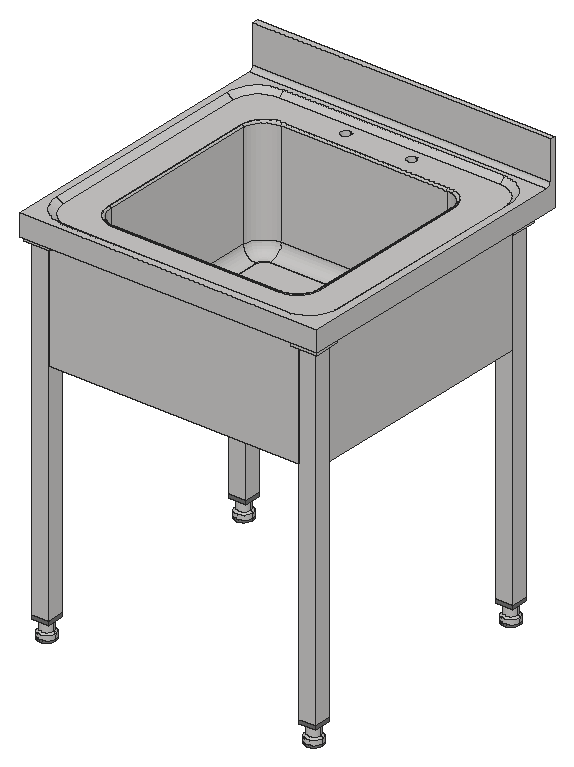
Revit family "QF_ELECTROLUXPROFESSIONAL_134061_GLG716E", category Attrezzature speciali, Revit 2020
Family settings
  Quota connettore circolare = Usa diametro
  Tipo di parte = Normale
  Basato su piano di lavoro = No
  Sempre verticale = Sì
  Taglio con vuoti quando caricato = No
  Condiviso = No
  Punto di calcolo locali = No
Parameters (values of type "Standard")
  Weight = 26.00 kg
  Watts = 0 W
  Volts = 0 V
  URL Manufacturer = "https://www.electroluxprofessional.com/"
  URL = "https://www.electroluxprofessional.com/"
  Steam Supply Size = 0 mm
  Steam Supply Minimum Pressure = 0.0 Pa
  Steam Supply Maximum Pressure = 0.0 Pa
  Steam Consumption per Hour = 0
  Refrigeration Suction Line Size = 0.0 mm
  Refrigeration Liquid Line Size = 0.0 mm
  Refrigerant Compressor Remote = yes
  Prospetto di default = 0.0 mm
  Phase = 0
  Modello = "GLG716E"
  Produttore = "Electrolux Professional"
  Length Actual = 700.0 mm  # constant formula
  Item Number = "134061"
  Hot Water Size = 0 mm
  Height Actual = 1000.0 mm  # constant formula
  HP = "0 HP"
  Gas Size = 0 mm
  Gas KW = 0
  Gas Input Pressure = 0 W
  Direct Waste Size = 50.8 mm
  Descrizione = "SINK UNIT 1 BOWL 700 MM"
  Depth Actual = 700.0 mm  # constant formula
  Cycle = 0 Hz
  Condensate Return Size = 0 mm
  Compressed Air Volume = 0.0 L/s
  Compressed Air Size = 0 mm
  Compressed Air Pressure = 0.0 Pa
  Cold Water Size = 0 mm
  Accessory = yes
Reference planes
  plane 1 "Center (Front/Back)": y = 0
  plane 2: z = 0
  plane 3 "Center (Left/Right)": x = 150
  plane 4 "LEFT": x = -200
  plane 5 "RIGHT": x = 500
  plane 6 "BACK": y = 350
  plane 7 "FRONT": y = -350
  plane 8 "Base": z = 850
  plane 9 "TOP": z = 900
  plane 10 "Sink_Base": z = 608
  plane 11 "ScaricoX": x = 300
  plane 12 "ScaricoY": y = 127
  plane 13: z = 441
  plane 14: x = 227.5
  plane 15: y = 270
  plane 16: x = 72.5
Forms (mm)
  Extrusion 1, solid, material "QF_Finishes_Stainless Steel"
    sketch origin (150, 0, 0) x (0, 1, 0) y (0, 0, 1)
      loop
        line (-350, 850) -> (350, 850) -> (350, 1000) -> (337, 1000) -> (337, 910)
        arc (337, 910) -> (334.071, 902.929) -> (327, 900) r 10
        line (327, 900) -> (-350, 900) -> (-350, 850)
    from 350 to -350
  Extrusion 2, void
    sketch origin (0, 0, 900) x (0, 1, 0) y (-1, 0, 0)
      loop
        arc (-214, 100) -> (-252.891, 83.891) -> (-269, 45) r 55
        line (-269, 45) -> (-269, -345)
        arc (-269, -345) -> (-252.874, -383.908) -> (-213.951, -400) r 55
        line (-213.951, -400) -> (176.049, -400)
        arc (176.049, -400) -> (214.908, -383.874) -> (231, -345) r 55
        line (231, -345) -> (231, 45)
        arc (231, 45) -> (214.891, 83.891) -> (176, 100) r 55
        line (176, 100) -> (-214, 100)
    from 0 to -50
  Sweep 3, solid, material "QF_Finishes_Stainless Steel"
    path origin (0, 0, 900) x (0, 1, 0) y (-1, 0, 0)
      loop
        line (176, 100) -> (-214, 100)
        arc (-214, 100) -> (-252.891, 83.891) -> (-269, 45) r 55
        line (-269, 45) -> (-269, -345)
        arc (-269, -345) -> (-252.874, -383.908) -> (-213.951, -400) r 55
        line (-213.951, -400) -> (176.049, -400)
        arc (176.049, -400) -> (214.908, -383.874) -> (231, -345) r 55
        line (231, -345) -> (231, 45)
        arc (231, 45) -> (214.891, 83.891) -> (176, 100) r 55
    profile origin (-100, -19, 900) x (1, 0, 0) y (0, 0, 1)
      loop
        arc (5, -15) -> (3.536, -11.464) -> (0, -10) r 5
        line (0, -10) -> (0, -11.5)
        arc (0, -11.5) -> (2.475, -12.525) -> (3.5, -15) r 3.5
        line (3.5, -15) -> (3.5, -260.5)
        arc (3.5, -260.5) -> (12.726, -282.774) -> (35, -292) r 31.5
        line (35, -292) -> (35, -290.5)
        arc (35, -290.5) -> (13.787, -281.713) -> (5, -260.5) r 30
        line (5, -260.5) -> (5, -15)
  Extrusion 4, solid, material "QF_Finishes_Stainless Steel"
    sketch origin (0, 0, 608) x (0, -1, 0) y (1, 0, 0)
      loop
        arc (-196, -45) -> (-190.142, -59.142) -> (-176, -65) r 20
        line (-176, -65) -> (214, -65)
        arc (214, -65) -> (228.142, -59.142) -> (234, -45) r 20
        line (234, -45) -> (234, 345)
        arc (234, 345) -> (228.132, 359.153) -> (213.97, 365) r 20
        line (213.97, 365) -> (-176.03, 365)
        arc (-176.03, 365) -> (-190.153, 359.132) -> (-196, 345) r 20
        line (-196, 345) -> (-196, -45)
    from 0 to 1.5
  Extrusion 5, void
    sketch origin (0, 0, 608) x (0, -1, 0) y (1, 0, 0)
      loop
        circle (-127, 300) r 28
    from 32.343 to -63.145
  Revolve 6, solid, material "QF_Finishes_White"
    sketch origin (300, 0, 0) x (0, -1, 0) y (0, 0, 1)
      loop
        line (-143.5, 592.617) -> (-143.5, 578.5) -> (-142, 578.5) -> (-142, 593.449) -> (-153.558, 600.671) -> (-153.558, 608) -> (-155.058, 608) -> (-155.058, 599.84) -> (-143.5, 592.617)
      axis (-127, 608) -> (-127, 578.5)
    angle from 0 to 360
  Extrusion 7, void
    sketch origin (0, 0, 608) x (0, -1, 0) y (1, 0, 0)
      loop
        circle (-270, 227.5) r 11.5
      loop
        circle (-270, 72.5) r 11.5
    from 242 to 292
  Blend 8, void
    base sketch origin (0, 0, 900) x (0, 1, 0) y (-1, 0, 0)
      loop
        arc (314.887, 109.887) -> (292.92, 162.92) -> (239.887, 184.887) r 75
        line (239.887, 184.887) -> (-259.887, 184.887)
        arc (-259.887, 184.887) -> (-312.92, 162.92) -> (-334.887, 109.887) r 75
        line (-334.887, 109.887) -> (-334.887, -409.887)
        arc (-334.887, -409.887) -> (-312.92, -462.92) -> (-259.887, -484.887) r 75
        line (-259.887, -484.887) -> (239.887, -484.887)
        arc (239.887, -484.887) -> (292.92, -462.92) -> (314.887, -409.887) r 75
        line (314.887, -409.887) -> (314.887, 109.887)
    top sketch origin (0, 0, 900) x (0, 1, 0) y (-1, 0, 0)
      loop
        arc (299.887, 109.887) -> (282.313, 152.313) -> (239.887, 169.887) r 60
        line (239.887, 169.887) -> (-259.887, 169.887)
        arc (-259.887, 169.887) -> (-302.313, 152.313) -> (-319.887, 109.887) r 60
        line (-319.887, 109.887) -> (-319.887, -409.887)
        arc (-319.887, -409.887) -> (-302.313, -452.313) -> (-259.887, -469.887) r 60
        line (-259.887, -469.887) -> (239.887, -469.887)
        arc (239.887, -469.887) -> (282.313, -452.313) -> (299.887, -409.887) r 60
        line (299.887, -409.887) -> (299.887, 109.887)
    from 0 to -10
Cuts and joins
  Extrusion 2, Extrusion 7, Blend 8 cuts Extrusion 1
  Extrusion 5 cuts Extrusion 4
Lines and regions (mm)
  symbolic lines
    curve 1: line (500, 350, 900) -> (-200, 350, 900)
    curve 2: line (-200, 350, 900) -> (-200, -350, 900)
    curve 3: line (-200, -350, 900) -> (500, -350, 900)
    curve 4: line (500, -350, 900) -> (500, 350, 900)
    curve 5: line (500, 337, 900) -> (-200, 337, 900)
    curve 6: line (-109.887, 314.887, 608) -> (409.887, 314.887, 608)
    curve 7: arc (-109.887, 314.887, 608) -> (-162.92, 292.92, 608) -> (-184.887, 239.887, 608) r 75
    curve 8: line (-184.887, -259.887, 608) -> (-184.887, 239.887, 608)
    curve 9: arc (-184.887, -259.887, 608) -> (-162.92, -312.92, 608) -> (-109.887, -334.887, 608) r 75
    curve 10: line (409.887, -334.887, 608) -> (-109.887, -334.887, 608)
    curve 11: arc (409.887, -334.887, 608) -> (462.92, -312.92, 608) -> (484.887, -259.887, 608) r 75
    curve 12: line (484.887, 239.887, 608) -> (484.887, -259.887, 608)
    curve 13: arc (484.887, 239.887, 608) -> (462.92, 292.92, 608) -> (409.887, 314.887, 608) r 75
    curve 14: arc (400, 176.049, 608) -> (383.874, 214.908, 608) -> (345, 231, 608) r 55
    curve 15: line (-45, 231, 608) -> (345, 231, 608)
    curve 16: arc (-45, 231, 608) -> (-83.891, 214.891, 608) -> (-100, 176, 608) r 55
    curve 17: line (-100, -214, 608) -> (-100, 176, 608)
    curve 18: arc (-100, -214, 608) -> (-83.891, -252.891, 608) -> (-45, -269, 608) r 55
    curve 19: line (345, -269, 608) -> (-45, -269, 608)
    curve 20: arc (345, -269, 608) -> (383.908, -252.874, 608) -> (400, -213.951, 608) r 55
    curve 21: line (400, 176.049, 608) -> (400, -213.951, 608)
    curve 22: line (-45, 196, 608) -> (345, 196, 608)
    curve 23: arc (-45, 196, 608) -> (-59.142, 190.142, 608) -> (-65, 176, 608) r 20
    curve 24: line (-65, -214, 608) -> (-65, 176, 608)
    curve 25: line (345, -234, 608) -> (-45, -234, 608)
    curve 26: arc (-65, -214, 608) -> (-59.142, -228.142, 608) -> (-45, -234, 608) r 20
    curve 27: arc (345, -234, 608) -> (359.153, -228.132, 608) -> (365, -213.97, 608) r 20
    curve 28: line (365, 176.03, 608) -> (365, -213.97, 608)
    curve 29: arc (365, 176.03, 608) -> (359.132, 190.153, 608) -> (345, 196, 608) r 20
    curve 30: circle (300, 127, 608) r 28 normal (0, 0, 1)
    curve 31: circle (300, 127, 608) r 15 normal (0, 0, -1)
    curve 32: circle (72.5, 270, 608) r 11.5 normal (0, 0, 1)
    curve 33: circle (227.5, 270, 608) r 11.5 normal (0, 0, 1)
    curve 34: arc (-109.887, 299.887, 608) -> (-152.313, 282.313, 608) -> (-169.887, 239.887, 608) r 60
    curve 35: line (409.887, 299.887, 608) -> (-109.887, 299.887, 608)
    curve 36: line (-169.887, 239.887, 608) -> (-169.887, -259.887, 608)
    curve 37: arc (-169.887, -259.887, 608) -> (-152.313, -302.313, 608) -> (-109.887, -319.887, 608) r 60
    curve 38: line (-109.887, -319.887, 608) -> (409.887, -319.887, 608)
    curve 39: arc (409.887, -319.887, 608) -> (452.313, -302.313, 608) -> (469.887, -259.887, 608) r 60
    curve 40: line (469.887, -259.887, 608) -> (469.887, 239.887, 608)
    curve 41: arc (469.887, 239.887, 608) -> (452.313, 282.313, 608) -> (409.887, 299.887, 608) r 60
Dimensions and locks
  plane 4 "LEFT" to plane 5 "RIGHT" = 700.0 mm
  equal spacing: plane 4 "LEFT", plane 3 "Center (Left/Right)", plane 5 "RIGHT"
  locked: plane 8 "Base" to level at 850
  locked: Extrusion 1 to level at 1000
  plane 9 "TOP" to level = 900.0 mm
  plane 6 "BACK" to plane 7 "FRONT" = 700.0 mm
  equal spacing: plane 6 "BACK", plane 1 "Center (Front/Back)", plane 7 "FRONT"
  plane 10 "Sink_Base" to level = 608.0 mm
  locked: plane 6 "BACK" to plane 12 "ScaricoY" at 223
  locked: plane 11 "ScaricoX" to plane 5 "RIGHT" at 200
  plane 13 to level = 441.0 mm
  plane 6 "BACK" to plane 15 = 80.0 mm
  plane 16 to plane 14 = 155.0 mm
  equal spacing: plane 16, plane 3 "Center (Left/Right)", plane 14
  aligned and locked: level to plane 2
  aligned and locked: Extrusion 1 to plane 4 "LEFT"
  aligned and locked: plane 5 "RIGHT" to Extrusion 1
  aligned and locked: curve 2 to plane 4 "LEFT"
Automatic sketch dimensions
  Extrusion 1 sketch curve to plane 7 "FRONT" = 0.0 mm
  Extrusion 1 sketch curve to plane 9 "TOP" = 0.0 mm
  Extrusion 1 sketch curve to plane 6 "BACK" = 0.0 mm
  Extrusion 1 sketch curve to plane 8 "Base" = 0.0 mm
  plane 9 "TOP" to Extrusion 1 sketch curve = 10.0 mm
  Extrusion 1 sketch curve to plane 6 "BACK" = 13.0 mm
  Extrusion 1 sketch curve to Extrusion 1 sketch curve = 90.0 mm
  curve 3 to plane 7 "FRONT" = 0.0 mm
  curve 5 to plane 5 "RIGHT" = 0.0 mm
  curve 4 to plane 6 "BACK" = 0.0 mm
  curve 5 to plane 6 "BACK" = 13.0 mm
  Extrusion 2 sketch curve to Extrusion 2 sketch curve = 55.0 mm  (x4)
  Extrusion 2 sketch curve to Extrusion 2 sketch curve = 0.0 mm  (x5)
  Sweep 3 sketch curve to Sweep 3 sketch curve = 55.0 mm  (x3)
  Sweep 3 sketch curve to Sweep 3 sketch curve = 0.049 mm  (x2)
  Sweep 3 sketch curve to Sweep 3 sketch curve = 0.0 mm  (x4)
  profile plane to Sweep 3 sketch curve = 0.0 mm
  Sweep 3 sketch curve to profile plane = 3.5 mm
  Sweep 3 sketch curve to Sweep 3 sketch curve = 1.5 mm
  Sweep 3 sketch curve to Sweep 3 sketch curve = 30.0 mm
  Sweep 3 sketch curve to plane 9 "TOP" = 260.5 mm
  Sweep 3 sketch curve to plane 9 "TOP" = 15.0 mm
  Extrusion 4 sketch curve to Extrusion 4 sketch curve = 19.97 mm
  Extrusion 4 sketch curve to Extrusion 4 sketch curve = 20.0 mm  (x4)
  Extrusion 4 sketch curve to Extrusion 4 sketch curve = 0.03 mm  (x2)
  Extrusion 4 sketch curve to Extrusion 4 sketch curve = 0.0 mm  (x2)
  Extrusion 5 sketch curve to plane 11 "ScaricoX" = 0.0 mm
  Extrusion 5 sketch curve to plane 12 "ScaricoY" = 0.0 mm
  Revolve 6 sketch curve to plane 12 "ScaricoY" = 0.0 mm
  plane 12 "ScaricoY" to Revolve 6 sketch curve = 15.0 mm
  Revolve 6 sketch curve to Revolve 6 sketch curve = 1.5 mm  (x2)
  plane 10 "Sink_Base" to Revolve 6 sketch curve = 7.329 mm
  Revolve 6 sketch curve to Revolve 6 sketch curve = 10.058 mm
  plane 10 "Sink_Base" to Revolve 6 sketch curve = 8.16 mm
  Revolve 6 sketch curve to Revolve 6 sketch curve = 7.222 mm
  Revolve 6 sketch curve to Revolve 6 sketch curve = 0.831 mm
  Revolve 6 sketch curve to Revolve 6 sketch curve = 14.117 mm
  Revolve 6 sketch curve to Revolve 6 sketch curve = 24.0 mm
  Revolve 6 sketch curve to plane 10 "Sink_Base" = 0.0 mm
  Revolve 6 sketch curve to plane 10 "Sink_Base" = 26.5 mm
  Extrusion 7 sketch curve to plane 15 = 0.0 mm  (x2)
  Extrusion 7 sketch curve to plane 14 = 0.0 mm
  Extrusion 7 sketch curve to plane 16 = 0.0 mm
  curve 16 to curve 23 = 0.0 mm  (x3)
  curve 6 to plane 6 "BACK" = 35.113 mm
  plane 4 "LEFT" to curve 8 = 15.113 mm
  curve 16 to curve 22 = 35.0 mm
  plane 12 "ScaricoY" to curve 21 = 49.049 mm
  curve 22 to curve 16 = 20.0 mm
  curve 22 to curve 14 = 20.0 mm
  curve 20 to plane 11 "ScaricoX" = 45.0 mm
  curve 21 to curve 20 = 0.049 mm
  curve 20 to curve 11 = 45.936 mm
  plane 7 "FRONT" to curve 10 = 15.113 mm
  curve 9 to curve 17 = 9.887 mm
  curve 14 to plane 11 "ScaricoX" = 45.0 mm  (x2)
  curve 24 to curve 18 = 0.0 mm
  curve 15 to curve 14 = 0.0 mm
  curve 22 to curve 14 = 0.0 mm
  curve 18 to curve 26 = 0.0 mm
  curve 25 to curve 20 = 0.0 mm
  curve 27 to curve 20 = 0.03 mm
  curve 28 to curve 14 = 0.03 mm
  curve 14 to curve 29 = 0.0 mm  (x3)
  curve 29 to curve 22 = 0.0 mm
  plane 7 "FRONT" to Blend 8 sketch curve = 15.113 mm
  plane 4 "LEFT" to Blend 8 sketch curve = 15.113 mm
  Blend 8 sketch curve to plane 5 "RIGHT" = 15.113 mm
  Blend 8 sketch curve to plane 6 "BACK" = 35.113 mm
  plane 15 to Blend 8 sketch curve = 29.887 mm
  curve 7 to curve 34 = 0.0 mm  (x3)
  curve 30 to curve 31 = 0.0 mm  (x2)
  curve 32 to plane 15 = 0.0 mm
  curve 33 to plane 14 = 0.0 mm
  curve 33 to plane 15 = 0.0 mm
  curve 30 to plane 11 "ScaricoX" = 0.0 mm
  curve 30 to plane 12 "ScaricoY" = 0.0 mm
  curve 32 to plane 16 = 0.0 mm
  curve 6 to curve 35 = 15.0 mm
  curve 9 to curve 37 = 0.0 mm  (x2)
  curve 11 to curve 39 = 0.0 mm  (x3)
  curve 40 to curve 12 = 0.0 mm
  Extrusion 2 sketch curve to Extrusion 2 sketch curve = 0.049 mm
  Extrusion 2 sketch curve to plane 11 "ScaricoX" = 45.0 mm
  Sweep 3 sketch curve to plane 11 "ScaricoX" = 45.0 mm
  Extrusion 4 sketch curve to plane 11 "ScaricoX" = 45.0 mm
  curve 14 to curve 41 = 9.887 mm
  Blend 8 sketch curve to plane 5 "RIGHT" = 90.113 mm
  plane 16 to Extrusion 2 sketch curve = 117.5 mm  (x2)
  plane 16 to Sweep 3 sketch curve = 117.5 mm
  plane 16 to Extrusion 4 sketch curve = 117.5 mm
  plane 4 "LEFT" to Blend 8 sketch curve = 90.113 mm
  plane 7 "FRONT" to Extrusion 2 sketch curve = 136.049 mm
  plane 7 "FRONT" to Sweep 3 sketch curve = 136.049 mm
  plane 7 "FRONT" to Extrusion 4 sketch curve = 136.03 mm
  curve 13 to curve 41 = 0.0 mm  (x2)
  curve 20 to curve 27 = 0.0 mm
  curve 21 to curve 39 = 105.936 mm
  curve 26 to curve 38 = 105.887 mm
  curve 18 to curve 25 = 20.0 mm
  curve 18 to curve 36 = 45.887 mm
  plane 7 "FRONT" to Blend 8 sketch curve = 90.113 mm  (x4)
  plane 7 "FRONT" to Blend 8 sketch curve = 30.113 mm
  plane 12 "ScaricoY" to Extrusion 2 sketch curve = 49.0 mm  (x2)
  plane 12 "ScaricoY" to Sweep 3 sketch curve = 49.0 mm  (x2)
  Sweep 3 sketch curve to plane 15 = 39.0 mm
  plane 12 "ScaricoY" to Extrusion 4 sketch curve = 49.0 mm
  curve 41 to plane 15 = 30.113 mm
  curve 36 to plane 15 = 30.113 mm
  curve 15 to plane 15 = 39.0 mm
  Blend 8 sketch curve to plane 15 = 30.113 mm  (x4)
  radius of Extrusion 5 sketch curve = 28.0 mm
  radius of Extrusion 7 sketch curve = 11.5 mm  (x2)
  radius of curve 30 = 28.0 mm
  radius of curve 31 = 15.0 mm
  radius of curve 32 = 11.5 mm
  radius of curve 33 = 11.5 mm
Nested families
  nested 1: "TAV_W700_CASS" at (0, 0, 0), type "TAV_W700_CASS"
Connectors
  piping at (300, 127, 578.5), diameter 50.8, driven by "Direct Waste Size"
    settings: on Revolve 6, index 1, connector inside diameter 609.6 mm, connector length 0.0 mm, flow factor 0, pipe flow 0.0 L/s, pressure drop 0.0 Pa, fitting loss kfactor 0, connector angle 0.00°, fixture units 0, engagement length 0.0 mm, angle of deflection 0.00°, flow configuration 1, flow direction 2, fitting loss method 0, system type 16, joint type 0, gender type 0, connector reference index -1, connector utility 0, adjustable connector no, is connector primary yes, connector description "Drain"
Definition of nested family "TAV_W700_CASS"
  Parameters
    Default Elevation = 0.0 mm
    Model = "TAV_W700_CASS"
    Manufacturer = "Electrolux Professional"
    Description = ""
  Reference planes
    plane 1 "Center (Front/Back)": y = 0
    plane 2: z = 0
    plane 3 "Center (Left/Right)": x = 150
    plane 4 "LEFT": x = -200
    plane 5 "RIGHT": x = 500
    plane 6 "BACK": y = 350
    plane 7 "FRONT": y = -350
    plane 8 "Base": z = 850
    plane 9 "TOP": z = 900
    plane 10: x = -164.5
    plane 11: x = 464.5
    plane 12: y = 265.5
    plane 13: y = -314.5
    plane 14: x = -144.5
    plane 15: x = 444.5
    plane 16 "RIPIANO": z = 200
  Forms (mm)
    Extrusion 1, solid
      sketch origin (0, 0.5, 850) x (0, 1, 0) y (-1, 0, 0)
        loop
          line (245, 184.5) -> (-295, 184.5) -> (-295, 183) -> (245, 183) -> (245, 184.5)
        loop
          line (-295, -484.5) -> (285, -484.5) -> (285, -483) -> (-295, -483) -> (-295, -484.5)
        loop
          line (-335, 144.5) -> (-335, -444.5) -> (-333.5, -444.5) -> (-333.5, 144.5) -> (-335, 144.5)
      from -10 to -260
    Extrusion 2, solid
      sketch origin (-4.534, 0, 850) x (0, 1, 0) y (-1, 0, 0)
        loop
          line (235.5, 179.966) -> (-284.5, 179.966) -> (-284.5, 139.966) -> (235.5, 139.966) -> (235.5, 179.966)
        loop
          line (-334.506, 129.966) -> (-334.506, -439.034) -> (-294.506, -439.034) -> (-294.506, 129.966) -> (-334.506, 129.966)
        loop
          line (-284.5, -489.034) -> (235.5, -489.034) -> (235.5, -449.034) -> (-284.5, -449.034) -> (-284.5, -489.034)
        loop
          line (285.5, 129.966) -> (245.5, 129.966) -> (245.5, -439.034) -> (285.5, -439.034) -> (285.5, 129.966)
      from 0 to -10
  Lines and regions (mm)
    symbolic lines, detail levels coarse
      curve 1: line (-200, 350, 200) -> (500, 350, 200)
      curve 2: line (-200, -350, 200) -> (-200, 350, 200)
      curve 3: line (500, -350, 200) -> (-200, -350, 200)
      curve 4: line (500, 350, 200) -> (500, -350, 200)
  Dimensions and locks
    plane 4 "LEFT" to plane 5 "RIGHT" = 700.0 mm
    equal spacing: plane 4 "LEFT", plane 3 "Center (Left/Right)", plane 5 "RIGHT"
    locked: plane 8 "Base" to level at 850
    plane 4 "LEFT" to plane 10 = 35.5 mm
    plane 11 to plane 5 "RIGHT" = 35.5 mm
    plane 10 to plane 11 = 629.0 mm
    plane 9 "TOP" to level = 900.0 mm
    plane 6 "BACK" to plane 12 = 84.5 mm
    plane 13 to plane 7 "FRONT" = 35.5 mm
    plane 6 "BACK" to plane 7 "FRONT" = 700.0 mm
    plane 12 to plane 13 = 580.0 mm
    equal spacing: plane 6 "BACK", plane 1 "Center (Front/Back)", plane 7 "FRONT"
    locked: plane 14 to plane 4 "LEFT" at 55.5
    locked: plane 5 "RIGHT" to plane 15 at 55.5
    plane 16 "RIPIANO" to level = 200.0 mm
    plane 2 to plane 16 "RIPIANO" to plane 8 "Base" = 200.0 mm, 650.0 mm
    aligned and locked: level to plane 2
    aligned and locked: plane 10 to nested 1
    aligned and locked: nested 1 to plane 13
    aligned and locked: plane 11 to nested 2
    aligned and locked: nested 2 to plane 13
    aligned and locked: plane 11 to nested 4
    aligned and locked: nested 4 to plane 12
    aligned and locked: plane 10 to nested 3
    aligned and locked: nested 3 to plane 12
    aligned and locked: plane 14 to Extrusion 1 sketch curve
    aligned and locked: Extrusion 1 sketch curve to plane 15
    aligned and locked: Extrusion 1 to Extrusion 2
  Automatic sketch dimensions
    plane 7 "FRONT" to Extrusion 1 sketch curve = 15.5 mm
    plane 13 to Extrusion 1 sketch curve = 20.0 mm  (x2)
    plane 4 "LEFT" to Extrusion 1 sketch curve = 15.5 mm
    Extrusion 1 sketch curve to plane 5 "RIGHT" = 15.5 mm
    Extrusion 1 sketch curve to Extrusion 1 sketch curve = 1.5 mm  (x3)
    Extrusion 1 sketch curve to plane 6 "BACK" = 104.5 mm
    Extrusion 1 sketch curve to plane 6 "BACK" = 64.5 mm
    plane 15 to Extrusion 2 sketch curve = 10.0 mm  (x2)
    plane 7 "FRONT" to Extrusion 2 sketch curve = 15.494 mm
    plane 13 to Extrusion 2 sketch curve = 19.994 mm
    Extrusion 2 sketch curve to plane 5 "RIGHT" = 15.5 mm
    plane 13 to Extrusion 2 sketch curve = 30.0 mm  (x2)
    Extrusion 2 sketch curve to plane 14 = 0.0 mm
    Extrusion 2 sketch curve to plane 12 = 30.0 mm  (x2)
    Extrusion 2 sketch curve to plane 12 = 20.0 mm
    plane 12 to Extrusion 2 sketch curve = 20.0 mm
    Extrusion 2 sketch curve to plane 15 = 0.0 mm
    Extrusion 2 sketch curve to plane 14 = 10.0 mm  (x2)
    Extrusion 2 sketch curve to plane 10 = 20.0 mm
    curve 3 to plane 4 "LEFT" = 0.0 mm
    curve 3 to plane 7 "FRONT" = 0.0 mm
    curve 2 to plane 6 "BACK" = 0.0 mm
    curve 1 to plane 5 "RIGHT" = 0.0 mm
  Nested families
    nested 1: "FEET_40x40_TAV" at (-164.5, -314.5, 0), type "FEET_40x40_TAV"
    nested 2: "FEET_40x40_TAV" at (464.5, -314.5, 0), type "FEET_40x40_TAV"
    nested 3: "FEET_40x40_TAV" at (-164.5, 265.5, 0), type "FEET_40x40_TAV"
    nested 4: "FEET_40x40_TAV" at (464.5, 265.5, 0), type "FEET_40x40_TAV"
  Definition of nested family "FEET_40x40_TAV"
    Parameters
      Default Elevation = 0.0 mm
      FEET = 850.0 mm
    Reference planes
      plane 1 "Center (Front/Back)": y = 0
      plane 2: z = 0
      plane 3 "Center (Left/Right)": x = 0
      plane 4: z = 850
    Forms (mm)
      Extrusion 1, solid
        sketch origin (0, 0, 0) x (1, 0, 0) y (0, 1, 0)
          loop
            line (-20, -20) -> (20, -20) -> (20, 20) -> (-20, 20) -> (-20, -20)
        from 50 to 840
      Extrusion 2, solid
        sketch origin (0, 0, 0) x (1, 0, 0) y (0, 1, 0)
          loop
            circle (0, 0) r 20
        from 0 to 5
      Extrusion 3, solid
        sketch origin (0, 0, 0) x (1, 0, 0) y (0, 1, 0)
          loop
            line (30, 30) -> (-30, 30) -> (-30, -30) -> (30, -30) -> (30, 30)
        from 840 to 850
      Extrusion 4, solid
        sketch origin (0, 0, 0) x (1, 0, 0) y (0, 1, 0)
          loop
            line (-20, -20) -> (20, -20) -> (20, 20) -> (-20, 20) -> (-20, -20)
        from 50 to 42
      Revolve 5, solid
        sketch origin (0, 0, 0) x (1, 0, 0) y (0, 0, 1)
          loop
            line (0, 42) -> (-15, 42) -> (-15, 20) -> (-20, 15) -> (-20, 5) -> (0, 5) -> (0, 42)
          axis (0, 42) -> (0, 5)
        angle from 0 to 360
    Lines and regions (mm)
      symbolic lines
        curve 1: line (0, -1.503, 0) -> (0, 1.508, 0)
        curve 2: line (1.561, 0, 0) -> (-1.439, 0, 0)
    Dimensions and locks
      "FEET": plane 4 to plane 2
      aligned and locked: level to plane 2
    Automatic sketch dimensions
      plane 1 "Center (Front/Back)" to curve 2 = 0.0 mm
      curve 1 to plane 3 "Center (Left/Right)" = 0.0 mm
      curve 2 to plane 3 "Center (Left/Right)" = 1.439 mm
      plane 3 "Center (Left/Right)" to curve 2 = 1.561 mm
      plane 1 "Center (Front/Back)" to curve 1 = 1.503 mm
      curve 1 to plane 1 "Center (Front/Back)" = 1.508 mm
      Extrusion 1 sketch curve to plane 3 "Center (Left/Right)" = 20.0 mm
      plane 3 "Center (Left/Right)" to Extrusion 1 sketch curve = 20.0 mm
      plane 1 "Center (Front/Back)" to Extrusion 1 sketch curve = 20.0 mm
      Extrusion 1 sketch curve to plane 1 "Center (Front/Back)" = 20.0 mm
      plane 1 "Center (Front/Back)" to Extrusion 2 sketch curve = 0.0 mm
      Extrusion 2 sketch curve to plane 3 "Center (Left/Right)" = 0.0 mm
      Extrusion 3 sketch curve to plane 3 "Center (Left/Right)" = 30.0 mm
      plane 3 "Center (Left/Right)" to Extrusion 3 sketch curve = 30.0 mm
      plane 1 "Center (Front/Back)" to Extrusion 3 sketch curve = 30.0 mm
      Extrusion 3 sketch curve to plane 1 "Center (Front/Back)" = 30.0 mm
      Extrusion 4 sketch curve to plane 3 "Center (Left/Right)" = 20.0 mm
      plane 3 "Center (Left/Right)" to Extrusion 4 sketch curve = 20.0 mm
      plane 1 "Center (Front/Back)" to Extrusion 4 sketch curve = 20.0 mm
      Extrusion 4 sketch curve to plane 1 "Center (Front/Back)" = 20.0 mm
      Revolve 5 sketch curve to plane 3 "Center (Left/Right)" = 0.0 mm  (x2)
      Revolve 5 sketch curve to plane 3 "Center (Left/Right)" = 15.0 mm
      Revolve 5 sketch curve to Revolve 5 sketch curve = 5.0 mm  (x3)
      level to Revolve 5 sketch curve = 5.0 mm
      Revolve 5 sketch curve to Revolve 5 sketch curve = 10.0 mm
      Revolve 5 sketch curve to Revolve 5 sketch curve = 22.0 mm
      Revolve 5 sketch curve to level = 9.561 mm
      radius of Extrusion 2 sketch curve = 20.0 mm
